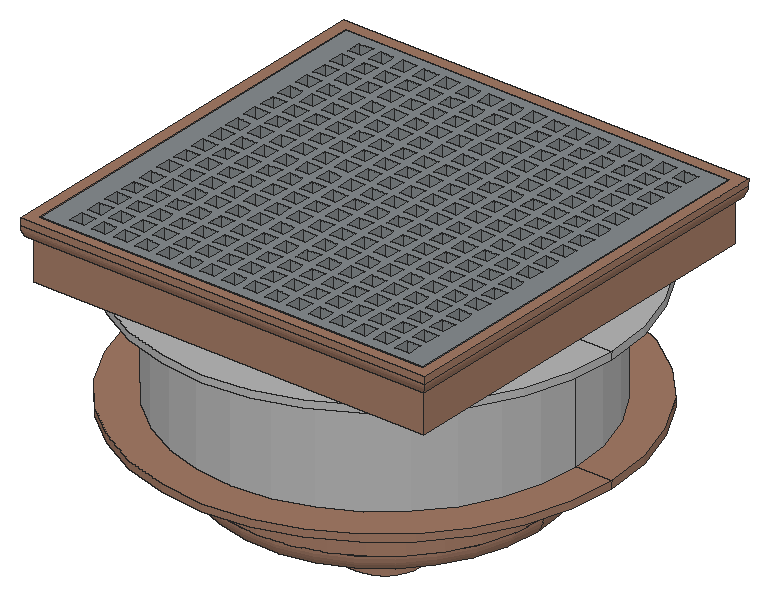
Revit family "Deck_Drain-Promenade-Jay R.Smith-1409_Series", category Plumbing Fixtures, Revit 2021
Family settings
  Round Connector Dimension = Use Radius
  Part Type = Normal
  OmniClass Number = 23.70.50.21.24
  OmniClass Title = Waste Water Drains
  Work Plane-Based = Yes
  Always vertical = Yes
  Cut with Voids When Loaded = No
  Shared = No
  Room Calculation Point = No
Parameters (values of type "1409T02")
  Waste Connection = yes
  Vent Connection = no
  URL = "http://www.jrsmith.com"
  U - Vandal Proof Grate = no
  RDP - Roof Deck Plate = no
  R - Sump Receiver = no
  Product Page URL = "https://www.jrsmith.com/promenade-deck-drain-1409"
  Product Documentation Link = "https://www.jrsmith.com/uploads/fileLibrary/d1409.pdf"
  PB - Polished Bronze Top = no
  Outlet Radius = Outlet Diameter / 2  # 1"
  Outlet Diameter = 2"
  NB - Nickel Bronze Top = no
  Model = "1409T02"
  Material = "Cast Iron-Jay R Smith-Duco Coated"  # constant formula
  Manufacturer = "Jay R. Smith"  # constant formula
  M - Ducolite Iron Grate = no
  Load Rating = "Load between 2,000 lbs. (900 kg) and 4,999 lbs. (2,250 kg) per ASME A112.6.3\r\nFloor Drain Standard."
  LXH - Speedi-Set Extra Heavy - 02"(50), 03"(75) & 04"(100) sizes only = no
  L - Speedi-Set Service Weight - 02"(50), 03"(75) & 04"(100) sizes only = no
  Installation Type = "Deck Mounted"  # constant formula
  HW Connection = no
  HP - Heel Proof Grate = no
  G - Galvanized Cast Iron = no
  Expansion Joint (Specify Fig. 1710) = no
  E - Extension (specify height) = no
  Diameter = 15 3/4"  # constant formula
  Description = "PROMENADE DECK DRAIN FOR SPECIAL ROOF APPLICATIONS"  # constant formula
  Default Elevation = 0"
  Connection Type = "2\" Threaded Outlet Connection"
  CW Connection = no
  CL - "L" Shaped Underdeck Clamp = no
  C - Underdeck Clamp = no
  Body Material = Cast Iron-Jay R Smith-Duco Coated
  Assembly Code = "D2030300"
Types (15): name | Outlet Radius | Outlet Diameter | Model | Connection Type
  1409C02 | 1" | 2" | "1409C02" | "2\" Caulk Outlet Connection"
  1409C03 | 1 1/2" | 3" | "1409C03" | "3\" Caulk Outlet Connection"
  1409C04 | 2" | 4" | "1409C04" | "4\" Caulk Outlet Connection"
  1409C05 | 2 1/2" | 5" | "1409C05" | "5\" Caulk Outlet Connection"
  1409C06 | 3" | 6" | "1409C06" | "6\" Caulk Outlet Connection"
  1409Y02 | 1" | 2" | "1409Y02" | "2\" No HUB Outlet Connection"
  1409Y03 | 1 1/2" | 3" | "1409Y03" | "3\" No HUB Outlet Connection"
  1409Y05 | 2 1/2" | 5" | "1409Y05" | "5\" No HUB Outlet Connection"
  1409Y04 | 2" | 4" | "1409Y04" | "4\" No HUB Outlet Connection"
  1409Y06 | 3" | 6" | "1409Y06" | "6\" No HUB Outlet Connection"
  1409T02 | 1" | 2" | "1409T02" | "2\" Threaded Outlet Connection"
  1409T03 | 1 1/2" | 3" | "1409T03" | "3\" Threaded Outlet Connection"
  1409T04 | 2" | 4" | "1409T04" | "4\" Threaded Outlet Connection"
  1409T05 | 2 1/2" | 5" | "1409T05" | "5\" Threaded Outlet Connection"
  1409T06 | 3" | 6" | "1409T06" | "6\" Threaded Outlet Connection"
Reference planes (in)
  plane 1 "Center (Front/Back)": y = 0
  plane 2: z = 0
  plane 3 "Center (Left/Right)": x = -0.54782
  plane 4: z = 0
  plane 5: x = -8.42282
  plane 6: x = 7.32718
  plane 7: y = 7
  plane 8: y = -7
  plane 9: x = -7.54782
  plane 10: x = 6.45218
  plane 11: x = -7.17282
  plane 12: x = 6.07718
  plane 13: y = 6.625
  plane 14: y = -6.625
  plane 15: x = -6.04782
  plane 16: x = 4.95218
  plane 17: z = -2
  plane 18: z = -6
  plane 19: z = -11
Forms (in)
  Extrusion 1, void
    sketch origin (0, 0, 0) x (1, 0, 0) y (0, 1, 0)
      loop
        line (-0.67282, 0.5) -> (-0.67282, 1) -> (-1.17282, 1) -> (-1.17282, 0.5) -> (-0.67282, 0.5)
      loop
        line (-1.42282, 0.5) -> (-1.42282, 1) -> (-1.92282, 1) -> (-1.92282, 0.5) -> (-1.42282, 0.5)
      loop
        line (-2.17282, 0.5) -> (-2.17282, 1) -> (-2.67282, 1) -> (-2.67282, 0.5) -> (-2.17282, 0.5)
      loop
        line (-0.67282, -0.25) -> (-0.67282, 0.25) -> (-1.17282, 0.25) -> (-1.17282, -0.25) -> (-0.67282, -0.25)
      loop
        line (-1.42282, -0.25) -> (-1.42282, 0.25) -> (-1.92282, 0.25) -> (-1.92282, -0.25) -> (-1.42282, -0.25)
      loop
        line (-2.17282, -0.25) -> (-2.17282, 0.25) -> (-2.67282, 0.25) -> (-2.67282, -0.25) -> (-2.17282, -0.25)
      loop
        line (-0.67282, -1) -> (-0.67282, -0.5) -> (-1.17282, -0.5) -> (-1.17282, -1) -> (-0.67282, -1)
      loop
        line (-1.42282, -1) -> (-1.42282, -0.5) -> (-1.92282, -0.5) -> (-1.92282, -1) -> (-1.42282, -1)
      loop
        line (-2.17282, -1) -> (-2.17282, -0.5) -> (-2.67282, -0.5) -> (-2.67282, -1) -> (-2.17282, -1)
      loop
        line (-0.67282, -1.75) -> (-0.67282, -1.25) -> (-1.17282, -1.25) -> (-1.17282, -1.75) -> (-0.67282, -1.75)
      loop
        line (-1.42282, -1.75) -> (-1.42282, -1.25) -> (-1.92282, -1.25) -> (-1.92282, -1.75) -> (-1.42282, -1.75)
      loop
        line (-2.17282, -1.75) -> (-2.17282, -1.25) -> (-2.67282, -1.25) -> (-2.67282, -1.75) -> (-2.17282, -1.75)
      loop
        line (-0.67282, 1.25) -> (-0.67282, 1.75) -> (-1.17282, 1.75) -> (-1.17282, 1.25) -> (-0.67282, 1.25)
      loop
        line (-1.42282, 1.25) -> (-1.42282, 1.75) -> (-1.92282, 1.75) -> (-1.92282, 1.25) -> (-1.42282, 1.25)
      loop
        line (-2.17282, 1.25) -> (-2.17282, 1.75) -> (-2.67282, 1.75) -> (-2.67282, 1.25) -> (-2.17282, 1.25)
      loop
        line (-0.67282, 2) -> (-0.67282, 2.5) -> (-1.17282, 2.5) -> (-1.17282, 2) -> (-0.67282, 2)
      loop
        line (-1.42282, 2) -> (-1.42282, 2.5) -> (-1.92282, 2.5) -> (-1.92282, 2) -> (-1.42282, 2)
      loop
        line (-2.17282, 2) -> (-2.17282, 2.5) -> (-2.67282, 2.5) -> (-2.67282, 2) -> (-2.17282, 2)
      loop
        line (-2.92282, 0.5) -> (-2.92282, 1) -> (-3.42282, 1) -> (-3.42282, 0.5) -> (-2.92282, 0.5)
      loop
        line (-3.67282, 0.5) -> (-3.67282, 1) -> (-4.17282, 1) -> (-4.17282, 0.5) -> (-3.67282, 0.5)
      loop
        line (-4.42282, 0.5) -> (-4.42282, 1) -> (-4.92282, 1) -> (-4.92282, 0.5) -> (-4.42282, 0.5)
      loop
        line (-2.92282, -0.25) -> (-2.92282, 0.25) -> (-3.42282, 0.25) -> (-3.42282, -0.25) -> (-2.92282, -0.25)
      loop
        line (-3.67282, -0.25) -> (-3.67282, 0.25) -> (-4.17282, 0.25) -> (-4.17282, -0.25) -> (-3.67282, -0.25)
      loop
        line (-4.42282, -0.25) -> (-4.42282, 0.25) -> (-4.92282, 0.25) -> (-4.92282, -0.25) -> (-4.42282, -0.25)
      loop
        line (-2.92282, -1) -> (-2.92282, -0.5) -> (-3.42282, -0.5) -> (-3.42282, -1) -> (-2.92282, -1)
      loop
        line (-3.67282, -1) -> (-3.67282, -0.5) -> (-4.17282, -0.5) -> (-4.17282, -1) -> (-3.67282, -1)
      loop
        line (-4.42282, -1) -> (-4.42282, -0.5) -> (-4.92282, -0.5) -> (-4.92282, -1) -> (-4.42282, -1)
      loop
        line (-2.92282, -1.75) -> (-2.92282, -1.25) -> (-3.42282, -1.25) -> (-3.42282, -1.75) -> (-2.92282, -1.75)
      loop
        line (-3.67282, -1.75) -> (-3.67282, -1.25) -> (-4.17282, -1.25) -> (-4.17282, -1.75) -> (-3.67282, -1.75)
      loop
        line (-4.42282, -1.75) -> (-4.42282, -1.25) -> (-4.92282, -1.25) -> (-4.92282, -1.75) -> (-4.42282, -1.75)
      loop
        line (-2.92282, 1.25) -> (-2.92282, 1.75) -> (-3.42282, 1.75) -> (-3.42282, 1.25) -> (-2.92282, 1.25)
      loop
        line (-3.67282, 1.25) -> (-3.67282, 1.75) -> (-4.17282, 1.75) -> (-4.17282, 1.25) -> (-3.67282, 1.25)
      loop
        line (-4.42282, 1.25) -> (-4.42282, 1.75) -> (-4.92282, 1.75) -> (-4.92282, 1.25) -> (-4.42282, 1.25)
      loop
        line (-2.92282, 2) -> (-2.92282, 2.5) -> (-3.42282, 2.5) -> (-3.42282, 2) -> (-2.92282, 2)
      loop
        line (-3.67282, 2) -> (-3.67282, 2.5) -> (-4.17282, 2.5) -> (-4.17282, 2) -> (-3.67282, 2)
      loop
        line (-4.42282, 2) -> (-4.42282, 2.5) -> (-4.92282, 2.5) -> (-4.92282, 2) -> (-4.42282, 2)
      loop
        line (-0.67282, 2.75) -> (-0.67282, 3.25) -> (-1.17282, 3.25) -> (-1.17282, 2.75) -> (-0.67282, 2.75)
      loop
        line (-1.42282, 2.75) -> (-1.42282, 3.25) -> (-1.92282, 3.25) -> (-1.92282, 2.75) -> (-1.42282, 2.75)
      loop
        line (-2.17282, 2.75) -> (-2.17282, 3.25) -> (-2.67282, 3.25) -> (-2.67282, 2.75) -> (-2.17282, 2.75)
      loop
        line (-0.67282, 3.5) -> (-0.67282, 4) -> (-1.17282, 4) -> (-1.17282, 3.5) -> (-0.67282, 3.5)
      loop
        line (-1.42282, 3.5) -> (-1.42282, 4) -> (-1.92282, 4) -> (-1.92282, 3.5) -> (-1.42282, 3.5)
      loop
        line (-2.17282, 3.5) -> (-2.17282, 4) -> (-2.67282, 4) -> (-2.67282, 3.5) -> (-2.17282, 3.5)
      loop
        line (-0.67282, 4.25) -> (-0.67282, 4.75) -> (-1.17282, 4.75) -> (-1.17282, 4.25) -> (-0.67282, 4.25)
      loop
        line (-1.42282, 4.25) -> (-1.42282, 4.75) -> (-1.92282, 4.75) -> (-1.92282, 4.25) -> (-1.42282, 4.25)
      loop
        line (-2.17282, 4.25) -> (-2.17282, 4.75) -> (-2.67282, 4.75) -> (-2.67282, 4.25) -> (-2.17282, 4.25)
      loop
        line (-2.92282, 2.75) -> (-2.92282, 3.25) -> (-3.42282, 3.25) -> (-3.42282, 2.75) -> (-2.92282, 2.75)
      loop
        line (-3.67282, 2.75) -> (-3.67282, 3.25) -> (-4.17282, 3.25) -> (-4.17282, 2.75) -> (-3.67282, 2.75)
      loop
        line (-4.42282, 2.75) -> (-4.42282, 3.25) -> (-4.92282, 3.25) -> (-4.92282, 2.75) -> (-4.42282, 2.75)
      loop
        line (-2.92282, 3.5) -> (-2.92282, 4) -> (-3.42282, 4) -> (-3.42282, 3.5) -> (-2.92282, 3.5)
      loop
        line (-3.67282, 3.5) -> (-3.67282, 4) -> (-4.17282, 4) -> (-4.17282, 3.5) -> (-3.67282, 3.5)
      loop
        line (-4.42282, 3.5) -> (-4.42282, 4) -> (-4.92282, 4) -> (-4.92282, 3.5) -> (-4.42282, 3.5)
      loop
        line (-2.92282, 4.25) -> (-2.92282, 4.75) -> (-3.42282, 4.75) -> (-3.42282, 4.25) -> (-2.92282, 4.25)
      loop
        line (-3.67282, 4.25) -> (-3.67282, 4.75) -> (-4.17282, 4.75) -> (-4.17282, 4.25) -> (-3.67282, 4.25)
      loop
        line (-4.42282, 4.25) -> (-4.42282, 4.75) -> (-4.92282, 4.75) -> (-4.92282, 4.25) -> (-4.42282, 4.25)
      loop
        line (-0.67282, -2) -> (-1.17282, -2) -> (-1.17282, -2.5) -> (-0.67282, -2.5) -> (-0.67282, -2)
      loop
        line (-1.42282, -2) -> (-1.92282, -2) -> (-1.92282, -2.5) -> (-1.42282, -2.5) -> (-1.42282, -2)
      loop
        line (-2.17282, -2) -> (-2.67282, -2) -> (-2.67282, -2.5) -> (-2.17282, -2.5) -> (-2.17282, -2)
      loop
        line (-0.67282, -2.75) -> (-1.17282, -2.75) -> (-1.17282, -3.25) -> (-0.67282, -3.25) -> (-0.67282, -2.75)
      loop
        line (-1.42282, -2.75) -> (-1.92282, -2.75) -> (-1.92282, -3.25) -> (-1.42282, -3.25) -> (-1.42282, -2.75)
      loop
        line (-2.17282, -2.75) -> (-2.67282, -2.75) -> (-2.67282, -3.25) -> (-2.17282, -3.25) -> (-2.17282, -2.75)
      loop
        line (-0.67282, -3.5) -> (-1.17282, -3.5) -> (-1.17282, -4) -> (-0.67282, -4) -> (-0.67282, -3.5)
      loop
        line (-1.42282, -3.5) -> (-1.92282, -3.5) -> (-1.92282, -4) -> (-1.42282, -4) -> (-1.42282, -3.5)
      loop
        line (-2.17282, -3.5) -> (-2.67282, -3.5) -> (-2.67282, -4) -> (-2.17282, -4) -> (-2.17282, -3.5)
      loop
        line (-2.92282, -2) -> (-3.42282, -2) -> (-3.42282, -2.5) -> (-2.92282, -2.5) -> (-2.92282, -2)
      loop
        line (-3.67282, -2) -> (-4.17282, -2) -> (-4.17282, -2.5) -> (-3.67282, -2.5) -> (-3.67282, -2)
      loop
        line (-4.42282, -2) -> (-4.92282, -2) -> (-4.92282, -2.5) -> (-4.42282, -2.5) -> (-4.42282, -2)
      loop
        line (-2.92282, -2.75) -> (-3.42282, -2.75) -> (-3.42282, -3.25) -> (-2.92282, -3.25) -> (-2.92282, -2.75)
      loop
        line (-3.67282, -2.75) -> (-4.17282, -2.75) -> (-4.17282, -3.25) -> (-3.67282, -3.25) -> (-3.67282, -2.75)
      loop
        line (-4.42282, -2.75) -> (-4.92282, -2.75) -> (-4.92282, -3.25) -> (-4.42282, -3.25) -> (-4.42282, -2.75)
      loop
        line (-2.92282, -3.5) -> (-3.42282, -3.5) -> (-3.42282, -4) -> (-2.92282, -4) -> (-2.92282, -3.5)
      loop
        line (-3.67282, -3.5) -> (-4.17282, -3.5) -> (-4.17282, -4) -> (-3.67282, -4) -> (-3.67282, -3.5)
      loop
        line (-4.42282, -3.5) -> (-4.92282, -3.5) -> (-4.92282, -4) -> (-4.42282, -4) -> (-4.42282, -3.5)
      loop
        line (-0.42282, 0.5) -> (0.07718, 0.5) -> (0.07718, 1) -> (-0.42282, 1) -> (-0.42282, 0.5)
      loop
        line (0.32718, 0.5) -> (0.82718, 0.5) -> (0.82718, 1) -> (0.32718, 1) -> (0.32718, 0.5)
      loop
        line (1.07718, 0.5) -> (1.57718, 0.5) -> (1.57718, 1) -> (1.07718, 1) -> (1.07718, 0.5)
      loop
        line (-0.42282, -0.25) -> (0.07718, -0.25) -> (0.07718, 0.25) -> (-0.42282, 0.25) -> (-0.42282, -0.25)
      loop
        line (0.32718, -0.25) -> (0.82718, -0.25) -> (0.82718, 0.25) -> (0.32718, 0.25) -> (0.32718, -0.25)
      loop
        line (1.07718, -0.25) -> (1.57718, -0.25) -> (1.57718, 0.25) -> (1.07718, 0.25) -> (1.07718, -0.25)
      loop
        line (-0.42282, -1) -> (0.07718, -1) -> (0.07718, -0.5) -> (-0.42282, -0.5) -> (-0.42282, -1)
      loop
        line (0.32718, -1) -> (0.82718, -1) -> (0.82718, -0.5) -> (0.32718, -0.5) -> (0.32718, -1)
      loop
        line (1.07718, -1) -> (1.57718, -1) -> (1.57718, -0.5) -> (1.07718, -0.5) -> (1.07718, -1)
      loop
        line (-0.42282, -1.75) -> (0.07718, -1.75) -> (0.07718, -1.25) -> (-0.42282, -1.25) -> (-0.42282, -1.75)
      loop
        line (0.32718, -1.75) -> (0.82718, -1.75) -> (0.82718, -1.25) -> (0.32718, -1.25) -> (0.32718, -1.75)
      loop
        line (1.07718, -1.75) -> (1.57718, -1.75) -> (1.57718, -1.25) -> (1.07718, -1.25) -> (1.07718, -1.75)
      loop
        line (-0.42282, 1.25) -> (0.07718, 1.25) -> (0.07718, 1.75) -> (-0.42282, 1.75) -> (-0.42282, 1.25)
      loop
        line (0.32718, 1.25) -> (0.82718, 1.25) -> (0.82718, 1.75) -> (0.32718, 1.75) -> (0.32718, 1.25)
      loop
        line (1.07718, 1.25) -> (1.57718, 1.25) -> (1.57718, 1.75) -> (1.07718, 1.75) -> (1.07718, 1.25)
      loop
        line (-0.42282, 2) -> (0.07718, 2) -> (0.07718, 2.5) -> (-0.42282, 2.5) -> (-0.42282, 2)
      loop
        line (0.32718, 2) -> (0.82718, 2) -> (0.82718, 2.5) -> (0.32718, 2.5) -> (0.32718, 2)
      loop
        line (1.07718, 2) -> (1.57718, 2) -> (1.57718, 2.5) -> (1.07718, 2.5) -> (1.07718, 2)
      loop
        line (1.82718, 0.5) -> (2.32718, 0.5) -> (2.32718, 1) -> (1.82718, 1) -> (1.82718, 0.5)
      loop
        line (2.57718, 0.5) -> (3.07718, 0.5) -> (3.07718, 1) -> (2.57718, 1) -> (2.57718, 0.5)
      loop
        line (3.32718, 0.5) -> (3.82718, 0.5) -> (3.82718, 1) -> (3.32718, 1) -> (3.32718, 0.5)
      loop
        line (1.82718, -0.25) -> (2.32718, -0.25) -> (2.32718, 0.25) -> (1.82718, 0.25) -> (1.82718, -0.25)
      loop
        line (2.57718, -0.25) -> (3.07718, -0.25) -> (3.07718, 0.25) -> (2.57718, 0.25) -> (2.57718, -0.25)
      loop
        line (3.32718, -0.25) -> (3.82718, -0.25) -> (3.82718, 0.25) -> (3.32718, 0.25) -> (3.32718, -0.25)
      loop
        line (1.82718, -1) -> (2.32718, -1) -> (2.32718, -0.5) -> (1.82718, -0.5) -> (1.82718, -1)
      loop
        line (2.57718, -1) -> (3.07718, -1) -> (3.07718, -0.5) -> (2.57718, -0.5) -> (2.57718, -1)
      loop
        line (3.32718, -1) -> (3.82718, -1) -> (3.82718, -0.5) -> (3.32718, -0.5) -> (3.32718, -1)
      loop
        line (1.82718, -1.75) -> (2.32718, -1.75) -> (2.32718, -1.25) -> (1.82718, -1.25) -> (1.82718, -1.75)
      loop
        line (2.57718, -1.75) -> (3.07718, -1.75) -> (3.07718, -1.25) -> (2.57718, -1.25) -> (2.57718, -1.75)
      loop
        line (3.32718, -1.75) -> (3.82718, -1.75) -> (3.82718, -1.25) -> (3.32718, -1.25) -> (3.32718, -1.75)
      loop
        line (1.82718, 1.25) -> (2.32718, 1.25) -> (2.32718, 1.75) -> (1.82718, 1.75) -> (1.82718, 1.25)
      loop
        line (2.57718, 1.25) -> (3.07718, 1.25) -> (3.07718, 1.75) -> (2.57718, 1.75) -> (2.57718, 1.25)
      loop
        line (3.32718, 1.25) -> (3.82718, 1.25) -> (3.82718, 1.75) -> (3.32718, 1.75) -> (3.32718, 1.25)
      loop
        line (1.82718, 2) -> (2.32718, 2) -> (2.32718, 2.5) -> (1.82718, 2.5) -> (1.82718, 2)
      loop
        line (2.57718, 2) -> (3.07718, 2) -> (3.07718, 2.5) -> (2.57718, 2.5) -> (2.57718, 2)
      loop
        line (3.32718, 2) -> (3.82718, 2) -> (3.82718, 2.5) -> (3.32718, 2.5) -> (3.32718, 2)
      loop
        line (-0.42282, 2.75) -> (0.07718, 2.75) -> (0.07718, 3.25) -> (-0.42282, 3.25) -> (-0.42282, 2.75)
      loop
        line (0.32718, 2.75) -> (0.82718, 2.75) -> (0.82718, 3.25) -> (0.32718, 3.25) -> (0.32718, 2.75)
      loop
        line (1.07718, 2.75) -> (1.57718, 2.75) -> (1.57718, 3.25) -> (1.07718, 3.25) -> (1.07718, 2.75)
      loop
        line (-0.42282, 3.5) -> (0.07718, 3.5) -> (0.07718, 4) -> (-0.42282, 4) -> (-0.42282, 3.5)
      loop
        line (0.32718, 3.5) -> (0.82718, 3.5) -> (0.82718, 4) -> (0.32718, 4) -> (0.32718, 3.5)
      loop
        line (1.07718, 3.5) -> (1.57718, 3.5) -> (1.57718, 4) -> (1.07718, 4) -> (1.07718, 3.5)
      loop
        line (-0.42282, 4.25) -> (0.07718, 4.25) -> (0.07718, 4.75) -> (-0.42282, 4.75) -> (-0.42282, 4.25)
      loop
        line (0.32718, 4.25) -> (0.82718, 4.25) -> (0.82718, 4.75) -> (0.32718, 4.75) -> (0.32718, 4.25)
      loop
        line (1.07718, 4.25) -> (1.57718, 4.25) -> (1.57718, 4.75) -> (1.07718, 4.75) -> (1.07718, 4.25)
      loop
        line (1.82718, 2.75) -> (2.32718, 2.75) -> (2.32718, 3.25) -> (1.82718, 3.25) -> (1.82718, 2.75)
      loop
        line (2.57718, 2.75) -> (3.07718, 2.75) -> (3.07718, 3.25) -> (2.57718, 3.25) -> (2.57718, 2.75)
      loop
        line (3.32718, 2.75) -> (3.82718, 2.75) -> (3.82718, 3.25) -> (3.32718, 3.25) -> (3.32718, 2.75)
      loop
        line (1.82718, 3.5) -> (2.32718, 3.5) -> (2.32718, 4) -> (1.82718, 4) -> (1.82718, 3.5)
      loop
        line (2.57718, 3.5) -> (3.07718, 3.5) -> (3.07718, 4) -> (2.57718, 4) -> (2.57718, 3.5)
      loop
        line (3.32718, 3.5) -> (3.82718, 3.5) -> (3.82718, 4) -> (3.32718, 4) -> (3.32718, 3.5)
      loop
        line (1.82718, 4.25) -> (2.32718, 4.25) -> (2.32718, 4.75) -> (1.82718, 4.75) -> (1.82718, 4.25)
      loop
        line (2.57718, 4.25) -> (3.07718, 4.25) -> (3.07718, 4.75) -> (2.57718, 4.75) -> (2.57718, 4.25)
      loop
        line (3.32718, 4.25) -> (3.82718, 4.25) -> (3.82718, 4.75) -> (3.32718, 4.75) -> (3.32718, 4.25)
      loop
        line (-0.42282, -2) -> (-0.42282, -2.5) -> (0.07718, -2.5) -> (0.07718, -2) -> (-0.42282, -2)
      loop
        line (0.32718, -2) -> (0.32718, -2.5) -> (0.82718, -2.5) -> (0.82718, -2) -> (0.32718, -2)
      loop
        line (1.07718, -2) -> (1.07718, -2.5) -> (1.57718, -2.5) -> (1.57718, -2) -> (1.07718, -2)
      loop
        line (-0.42282, -2.75) -> (-0.42282, -3.25) -> (0.07718, -3.25) -> (0.07718, -2.75) -> (-0.42282, -2.75)
      loop
        line (0.32718, -2.75) -> (0.32718, -3.25) -> (0.82718, -3.25) -> (0.82718, -2.75) -> (0.32718, -2.75)
      loop
        line (1.07718, -2.75) -> (1.07718, -3.25) -> (1.57718, -3.25) -> (1.57718, -2.75) -> (1.07718, -2.75)
      loop
        line (-0.42282, -3.5) -> (-0.42282, -4) -> (0.07718, -4) -> (0.07718, -3.5) -> (-0.42282, -3.5)
      loop
        line (0.32718, -3.5) -> (0.32718, -4) -> (0.82718, -4) -> (0.82718, -3.5) -> (0.32718, -3.5)
      loop
        line (1.07718, -3.5) -> (1.07718, -4) -> (1.57718, -4) -> (1.57718, -3.5) -> (1.07718, -3.5)
      loop
        line (1.82718, -2) -> (1.82718, -2.5) -> (2.32718, -2.5) -> (2.32718, -2) -> (1.82718, -2)
      loop
        line (2.57718, -2) -> (2.57718, -2.5) -> (3.07718, -2.5) -> (3.07718, -2) -> (2.57718, -2)
      loop
        line (3.32718, -2) -> (3.32718, -2.5) -> (3.82718, -2.5) -> (3.82718, -2) -> (3.32718, -2)
      loop
        line (1.82718, -2.75) -> (1.82718, -3.25) -> (2.32718, -3.25) -> (2.32718, -2.75) -> (1.82718, -2.75)
      loop
        line (2.57718, -2.75) -> (2.57718, -3.25) -> (3.07718, -3.25) -> (3.07718, -2.75) -> (2.57718, -2.75)
      loop
        line (3.32718, -2.75) -> (3.32718, -3.25) -> (3.82718, -3.25) -> (3.82718, -2.75) -> (3.32718, -2.75)
      loop
        line (1.82718, -3.5) -> (1.82718, -4) -> (2.32718, -4) -> (2.32718, -3.5) -> (1.82718, -3.5)
      loop
        line (2.57718, -3.5) -> (2.57718, -4) -> (3.07718, -4) -> (3.07718, -3.5) -> (2.57718, -3.5)
      loop
        line (3.32718, -3.5) -> (3.32718, -4) -> (3.82718, -4) -> (3.82718, -3.5) -> (3.32718, -3.5)
      loop
        line (-0.67282, 5) -> (-0.67282, 5.5) -> (-1.17282, 5.5) -> (-1.17282, 5) -> (-0.67282, 5)
      loop
        line (-1.42282, 5) -> (-1.42282, 5.5) -> (-1.92282, 5.5) -> (-1.92282, 5) -> (-1.42282, 5)
      loop
        line (-2.17282, 5) -> (-2.17282, 5.5) -> (-2.67282, 5.5) -> (-2.67282, 5) -> (-2.17282, 5)
      loop
        line (-0.67282, 5.75) -> (-0.67282, 6.25) -> (-1.17282, 6.25) -> (-1.17282, 5.75) -> (-0.67282, 5.75)
      loop
        line (-1.42282, 5.75) -> (-1.42282, 6.25) -> (-1.92282, 6.25) -> (-1.92282, 5.75) -> (-1.42282, 5.75)
      loop
        line (-2.17282, 5.75) -> (-2.17282, 6.25) -> (-2.67282, 6.25) -> (-2.67282, 5.75) -> (-2.17282, 5.75)
      loop
        line (-2.92282, 5) -> (-2.92282, 5.5) -> (-3.42282, 5.5) -> (-3.42282, 5) -> (-2.92282, 5)
      loop
        line (-3.67282, 5) -> (-3.67282, 5.5) -> (-4.17282, 5.5) -> (-4.17282, 5) -> (-3.67282, 5)
      loop
        line (-4.42282, 5) -> (-4.42282, 5.5) -> (-4.92282, 5.5) -> (-4.92282, 5) -> (-4.42282, 5)
      loop
        line (-2.92282, 5.75) -> (-2.92282, 6.25) -> (-3.42282, 6.25) -> (-3.42282, 5.75) -> (-2.92282, 5.75)
      loop
        line (-3.67282, 5.75) -> (-3.67282, 6.25) -> (-4.17282, 6.25) -> (-4.17282, 5.75) -> (-3.67282, 5.75)
      loop
        line (-4.42282, 5.75) -> (-4.42282, 6.25) -> (-4.92282, 6.25) -> (-4.92282, 5.75) -> (-4.42282, 5.75)
      loop
        line (-0.42282, 5) -> (0.07718, 5) -> (0.07718, 5.5) -> (-0.42282, 5.5) -> (-0.42282, 5)
      loop
        line (0.32718, 5) -> (0.82718, 5) -> (0.82718, 5.5) -> (0.32718, 5.5) -> (0.32718, 5)
      loop
        line (1.07718, 5) -> (1.57718, 5) -> (1.57718, 5.5) -> (1.07718, 5.5) -> (1.07718, 5)
      loop
        line (-0.42282, 5.75) -> (0.07718, 5.75) -> (0.07718, 6.25) -> (-0.42282, 6.25) -> (-0.42282, 5.75)
      loop
        line (0.32718, 5.75) -> (0.82718, 5.75) -> (0.82718, 6.25) -> (0.32718, 6.25) -> (0.32718, 5.75)
      loop
        line (1.07718, 5.75) -> (1.57718, 5.75) -> (1.57718, 6.25) -> (1.07718, 6.25) -> (1.07718, 5.75)
      loop
        line (1.82718, 5) -> (2.32718, 5) -> (2.32718, 5.5) -> (1.82718, 5.5) -> (1.82718, 5)
      loop
        line (2.57718, 5) -> (3.07718, 5) -> (3.07718, 5.5) -> (2.57718, 5.5) -> (2.57718, 5)
      loop
        line (3.32718, 5) -> (3.82718, 5) -> (3.82718, 5.5) -> (3.32718, 5.5) -> (3.32718, 5)
      loop
        line (1.82718, 5.75) -> (2.32718, 5.75) -> (2.32718, 6.25) -> (1.82718, 6.25) -> (1.82718, 5.75)
      loop
        line (2.57718, 5.75) -> (3.07718, 5.75) -> (3.07718, 6.25) -> (2.57718, 6.25) -> (2.57718, 5.75)
      loop
        line (3.32718, 5.75) -> (3.82718, 5.75) -> (3.82718, 6.25) -> (3.32718, 6.25) -> (3.32718, 5.75)
      loop
        line (-0.67282, -4.75) -> (-0.67282, -4.25) -> (-1.17282, -4.25) -> (-1.17282, -4.75) -> (-0.67282, -4.75)
      loop
        line (-1.42282, -4.75) -> (-1.42282, -4.25) -> (-1.92282, -4.25) -> (-1.92282, -4.75) -> (-1.42282, -4.75)
      loop
        line (-2.17282, -4.75) -> (-2.17282, -4.25) -> (-2.67282, -4.25) -> (-2.67282, -4.75) -> (-2.17282, -4.75)
      loop
        line (-2.92282, -4.75) -> (-2.92282, -4.25) -> (-3.42282, -4.25) -> (-3.42282, -4.75) -> (-2.92282, -4.75)
      loop
        line (-3.67282, -4.75) -> (-3.67282, -4.25) -> (-4.17282, -4.25) -> (-4.17282, -4.75) -> (-3.67282, -4.75)
      loop
        line (-4.42282, -4.75) -> (-4.42282, -4.25) -> (-4.92282, -4.25) -> (-4.92282, -4.75) -> (-4.42282, -4.75)
      loop
        line (-0.67282, -5) -> (-1.17282, -5) -> (-1.17282, -5.5) -> (-0.67282, -5.5) -> (-0.67282, -5)
      loop
        line (-1.42282, -5) -> (-1.92282, -5) -> (-1.92282, -5.5) -> (-1.42282, -5.5) -> (-1.42282, -5)
      loop
        line (-2.17282, -5) -> (-2.67282, -5) -> (-2.67282, -5.5) -> (-2.17282, -5.5) -> (-2.17282, -5)
      loop
        line (-0.67282, -5.75) -> (-1.17282, -5.75) -> (-1.17282, -6.25) -> (-0.67282, -6.25) -> (-0.67282, -5.75)
      loop
        line (-1.42282, -5.75) -> (-1.92282, -5.75) -> (-1.92282, -6.25) -> (-1.42282, -6.25) -> (-1.42282, -5.75)
      loop
        line (-2.17282, -5.75) -> (-2.67282, -5.75) -> (-2.67282, -6.25) -> (-2.17282, -6.25) -> (-2.17282, -5.75)
      loop
        line (-2.92282, -5) -> (-3.42282, -5) -> (-3.42282, -5.5) -> (-2.92282, -5.5) -> (-2.92282, -5)
      loop
        line (-3.67282, -5) -> (-4.17282, -5) -> (-4.17282, -5.5) -> (-3.67282, -5.5) -> (-3.67282, -5)
      loop
        line (-4.42282, -5) -> (-4.92282, -5) -> (-4.92282, -5.5) -> (-4.42282, -5.5) -> (-4.42282, -5)
      loop
        line (-2.92282, -5.75) -> (-3.42282, -5.75) -> (-3.42282, -6.25) -> (-2.92282, -6.25) -> (-2.92282, -5.75)
      loop
        line (-3.67282, -5.75) -> (-4.17282, -5.75) -> (-4.17282, -6.25) -> (-3.67282, -6.25) -> (-3.67282, -5.75)
      loop
        line (-4.42282, -5.75) -> (-4.92282, -5.75) -> (-4.92282, -6.25) -> (-4.42282, -6.25) -> (-4.42282, -5.75)
      loop
        line (-0.42282, -4.75) -> (0.07718, -4.75) -> (0.07718, -4.25) -> (-0.42282, -4.25) -> (-0.42282, -4.75)
      loop
        line (0.32718, -4.75) -> (0.82718, -4.75) -> (0.82718, -4.25) -> (0.32718, -4.25) -> (0.32718, -4.75)
      loop
        line (1.07718, -4.75) -> (1.57718, -4.75) -> (1.57718, -4.25) -> (1.07718, -4.25) -> (1.07718, -4.75)
      loop
        line (1.82718, -4.75) -> (2.32718, -4.75) -> (2.32718, -4.25) -> (1.82718, -4.25) -> (1.82718, -4.75)
      loop
        line (2.57718, -4.75) -> (3.07718, -4.75) -> (3.07718, -4.25) -> (2.57718, -4.25) -> (2.57718, -4.75)
      loop
        line (3.32718, -4.75) -> (3.82718, -4.75) -> (3.82718, -4.25) -> (3.32718, -4.25) -> (3.32718, -4.75)
      loop
        line (-0.42282, -5) -> (-0.42282, -5.5) -> (0.07718, -5.5) -> (0.07718, -5) -> (-0.42282, -5)
      loop
        line (0.32718, -5) -> (0.32718, -5.5) -> (0.82718, -5.5) -> (0.82718, -5) -> (0.32718, -5)
      loop
        line (1.07718, -5) -> (1.07718, -5.5) -> (1.57718, -5.5) -> (1.57718, -5) -> (1.07718, -5)
      loop
        line (-0.42282, -5.75) -> (-0.42282, -6.25) -> (0.07718, -6.25) -> (0.07718, -5.75) -> (-0.42282, -5.75)
      loop
        line (0.32718, -5.75) -> (0.32718, -6.25) -> (0.82718, -6.25) -> (0.82718, -5.75) -> (0.32718, -5.75)
      loop
        line (1.07718, -5.75) -> (1.07718, -6.25) -> (1.57718, -6.25) -> (1.57718, -5.75) -> (1.07718, -5.75)
      loop
        line (1.82718, -5) -> (1.82718, -5.5) -> (2.32718, -5.5) -> (2.32718, -5) -> (1.82718, -5)
      loop
        line (2.57718, -5) -> (2.57718, -5.5) -> (3.07718, -5.5) -> (3.07718, -5) -> (2.57718, -5)
      loop
        line (3.32718, -5) -> (3.32718, -5.5) -> (3.82718, -5.5) -> (3.82718, -5) -> (3.32718, -5)
      loop
        line (1.82718, -5.75) -> (1.82718, -6.25) -> (2.32718, -6.25) -> (2.32718, -5.75) -> (1.82718, -5.75)
      loop
        line (2.57718, -5.75) -> (2.57718, -6.25) -> (3.07718, -6.25) -> (3.07718, -5.75) -> (2.57718, -5.75)
      loop
        line (3.32718, -5.75) -> (3.32718, -6.25) -> (3.82718, -6.25) -> (3.82718, -5.75) -> (3.32718, -5.75)
      loop
        line (4.07718, 0.5) -> (4.57718, 0.5) -> (4.57718, 1) -> (4.07718, 1) -> (4.07718, 0.5)
      loop
        line (4.82718, 0.5) -> (5.32718, 0.5) -> (5.32718, 1) -> (4.82718, 1) -> (4.82718, 0.5)
      loop
        line (4.07718, -0.25) -> (4.57718, -0.25) -> (4.57718, 0.25) -> (4.07718, 0.25) -> (4.07718, -0.25)
      loop
        line (4.82718, -0.25) -> (5.32718, -0.25) -> (5.32718, 0.25) -> (4.82718, 0.25) -> (4.82718, -0.25)
      loop
        line (4.07718, -1) -> (4.57718, -1) -> (4.57718, -0.5) -> (4.07718, -0.5) -> (4.07718, -1)
      loop
        line (4.82718, -1) -> (5.32718, -1) -> (5.32718, -0.5) -> (4.82718, -0.5) -> (4.82718, -1)
      loop
        line (4.07718, -1.75) -> (4.57718, -1.75) -> (4.57718, -1.25) -> (4.07718, -1.25) -> (4.07718, -1.75)
      loop
        line (4.82718, -1.75) -> (5.32718, -1.75) -> (5.32718, -1.25) -> (4.82718, -1.25) -> (4.82718, -1.75)
      loop
        line (4.07718, 1.25) -> (4.57718, 1.25) -> (4.57718, 1.75) -> (4.07718, 1.75) -> (4.07718, 1.25)
      loop
        line (4.82718, 1.25) -> (5.32718, 1.25) -> (5.32718, 1.75) -> (4.82718, 1.75) -> (4.82718, 1.25)
      loop
        line (4.07718, 2) -> (4.57718, 2) -> (4.57718, 2.5) -> (4.07718, 2.5) -> (4.07718, 2)
      loop
        line (4.82718, 2) -> (5.32718, 2) -> (5.32718, 2.5) -> (4.82718, 2.5) -> (4.82718, 2)
      loop
        line (4.07718, 2.75) -> (4.57718, 2.75) -> (4.57718, 3.25) -> (4.07718, 3.25) -> (4.07718, 2.75)
      loop
        line (4.82718, 2.75) -> (5.32718, 2.75) -> (5.32718, 3.25) -> (4.82718, 3.25) -> (4.82718, 2.75)
      loop
        line (4.07718, 3.5) -> (4.57718, 3.5) -> (4.57718, 4) -> (4.07718, 4) -> (4.07718, 3.5)
      loop
        line (4.82718, 3.5) -> (5.32718, 3.5) -> (5.32718, 4) -> (4.82718, 4) -> (4.82718, 3.5)
      loop
        line (4.07718, 4.25) -> (4.57718, 4.25) -> (4.57718, 4.75) -> (4.07718, 4.75) -> (4.07718, 4.25)
      loop
        line (4.82718, 4.25) -> (5.32718, 4.25) -> (5.32718, 4.75) -> (4.82718, 4.75) -> (4.82718, 4.25)
      loop
        line (4.07718, -2) -> (4.07718, -2.5) -> (4.57718, -2.5) -> (4.57718, -2) -> (4.07718, -2)
      loop
        line (4.82718, -2) -> (4.82718, -2.5) -> (5.32718, -2.5) -> (5.32718, -2) -> (4.82718, -2)
      loop
        line (4.07718, -2.75) -> (4.07718, -3.25) -> (4.57718, -3.25) -> (4.57718, -2.75) -> (4.07718, -2.75)
      loop
        line (4.82718, -2.75) -> (4.82718, -3.25) -> (5.32718, -3.25) -> (5.32718, -2.75) -> (4.82718, -2.75)
      loop
        line (4.07718, -3.5) -> (4.07718, -4) -> (4.57718, -4) -> (4.57718, -3.5) -> (4.07718, -3.5)
      loop
        line (4.82718, -3.5) -> (4.82718, -4) -> (5.32718, -4) -> (5.32718, -3.5) -> (4.82718, -3.5)
      loop
        line (4.07718, 5) -> (4.57718, 5) -> (4.57718, 5.5) -> (4.07718, 5.5) -> (4.07718, 5)
      loop
        line (4.82718, 5) -> (5.32718, 5) -> (5.32718, 5.5) -> (4.82718, 5.5) -> (4.82718, 5)
      loop
        line (4.07718, 5.75) -> (4.57718, 5.75) -> (4.57718, 6.25) -> (4.07718, 6.25) -> (4.07718, 5.75)
      loop
        line (4.82718, 5.75) -> (5.32718, 5.75) -> (5.32718, 6.25) -> (4.82718, 6.25) -> (4.82718, 5.75)
      loop
        line (4.07718, -4.75) -> (4.57718, -4.75) -> (4.57718, -4.25) -> (4.07718, -4.25) -> (4.07718, -4.75)
      loop
        line (4.82718, -4.75) -> (5.32718, -4.75) -> (5.32718, -4.25) -> (4.82718, -4.25) -> (4.82718, -4.75)
      loop
        line (4.07718, -5) -> (4.07718, -5.5) -> (4.57718, -5.5) -> (4.57718, -5) -> (4.07718, -5)
      loop
        line (4.82718, -5) -> (4.82718, -5.5) -> (5.32718, -5.5) -> (5.32718, -5) -> (4.82718, -5)
      loop
        line (4.07718, -5.75) -> (4.07718, -6.25) -> (4.57718, -6.25) -> (4.57718, -5.75) -> (4.07718, -5.75)
      loop
        line (4.82718, -5.75) -> (4.82718, -6.25) -> (5.32718, -6.25) -> (5.32718, -5.75) -> (4.82718, -5.75)
      loop
        line (-5.17282, 0.5) -> (-5.17282, 1) -> (-5.67282, 1) -> (-5.67282, 0.5) -> (-5.17282, 0.5)
      loop
        line (-5.92282, 0.5) -> (-5.92282, 1) -> (-6.42282, 1) -> (-6.42282, 0.5) -> (-5.92282, 0.5)
      loop
        line (-5.17282, -0.25) -> (-5.17282, 0.25) -> (-5.67282, 0.25) -> (-5.67282, -0.25) -> (-5.17282, -0.25)
      loop
        line (-5.92282, -0.25) -> (-5.92282, 0.25) -> (-6.42282, 0.25) -> (-6.42282, -0.25) -> (-5.92282, -0.25)
      loop
        line (-5.17282, -1) -> (-5.17282, -0.5) -> (-5.67282, -0.5) -> (-5.67282, -1) -> (-5.17282, -1)
      loop
        line (-5.92282, -1) -> (-5.92282, -0.5) -> (-6.42282, -0.5) -> (-6.42282, -1) -> (-5.92282, -1)
      loop
        line (-5.17282, -1.75) -> (-5.17282, -1.25) -> (-5.67282, -1.25) -> (-5.67282, -1.75) -> (-5.17282, -1.75)
      loop
        line (-5.92282, -1.75) -> (-5.92282, -1.25) -> (-6.42282, -1.25) -> (-6.42282, -1.75) -> (-5.92282, -1.75)
      loop
        line (-5.17282, 1.25) -> (-5.17282, 1.75) -> (-5.67282, 1.75) -> (-5.67282, 1.25) -> (-5.17282, 1.25)
      loop
        line (-5.92282, 1.25) -> (-5.92282, 1.75) -> (-6.42282, 1.75) -> (-6.42282, 1.25) -> (-5.92282, 1.25)
      loop
        line (-5.17282, 2) -> (-5.17282, 2.5) -> (-5.67282, 2.5) -> (-5.67282, 2) -> (-5.17282, 2)
      loop
        line (-5.92282, 2) -> (-5.92282, 2.5) -> (-6.42282, 2.5) -> (-6.42282, 2) -> (-5.92282, 2)
      loop
        line (-5.17282, 2.75) -> (-5.17282, 3.25) -> (-5.67282, 3.25) -> (-5.67282, 2.75) -> (-5.17282, 2.75)
      loop
        line (-5.92282, 2.75) -> (-5.92282, 3.25) -> (-6.42282, 3.25) -> (-6.42282, 2.75) -> (-5.92282, 2.75)
      loop
        line (-5.17282, 3.5) -> (-5.17282, 4) -> (-5.67282, 4) -> (-5.67282, 3.5) -> (-5.17282, 3.5)
      loop
        line (-5.92282, 3.5) -> (-5.92282, 4) -> (-6.42282, 4) -> (-6.42282, 3.5) -> (-5.92282, 3.5)
      loop
        line (-5.17282, 4.25) -> (-5.17282, 4.75) -> (-5.67282, 4.75) -> (-5.67282, 4.25) -> (-5.17282, 4.25)
      loop
        line (-5.92282, 4.25) -> (-5.92282, 4.75) -> (-6.42282, 4.75) -> (-6.42282, 4.25) -> (-5.92282, 4.25)
      loop
        line (-5.17282, -2) -> (-5.67282, -2) -> (-5.67282, -2.5) -> (-5.17282, -2.5) -> (-5.17282, -2)
      loop
        line (-5.92282, -2) -> (-6.42282, -2) -> (-6.42282, -2.5) -> (-5.92282, -2.5) -> (-5.92282, -2)
      loop
        line (-5.17282, -2.75) -> (-5.67282, -2.75) -> (-5.67282, -3.25) -> (-5.17282, -3.25) -> (-5.17282, -2.75)
      loop
        line (-5.92282, -2.75) -> (-6.42282, -2.75) -> (-6.42282, -3.25) -> (-5.92282, -3.25) -> (-5.92282, -2.75)
      loop
        line (-5.17282, -3.5) -> (-5.67282, -3.5) -> (-5.67282, -4) -> (-5.17282, -4) -> (-5.17282, -3.5)
      loop
        line (-5.92282, -3.5) -> (-6.42282, -3.5) -> (-6.42282, -4) -> (-5.92282, -4) -> (-5.92282, -3.5)
      loop
        line (-5.17282, 5) -> (-5.17282, 5.5) -> (-5.67282, 5.5) -> (-5.67282, 5) -> (-5.17282, 5)
      loop
        line (-5.92282, 5) -> (-5.92282, 5.5) -> (-6.42282, 5.5) -> (-6.42282, 5) -> (-5.92282, 5)
      loop
        line (-5.17282, 5.75) -> (-5.17282, 6.25) -> (-5.67282, 6.25) -> (-5.67282, 5.75) -> (-5.17282, 5.75)
      loop
        line (-5.92282, 5.75) -> (-5.92282, 6.25) -> (-6.42282, 6.25) -> (-6.42282, 5.75) -> (-5.92282, 5.75)
      loop
        line (-5.17282, -4.75) -> (-5.17282, -4.25) -> (-5.67282, -4.25) -> (-5.67282, -4.75) -> (-5.17282, -4.75)
      loop
        line (-5.92282, -4.75) -> (-5.92282, -4.25) -> (-6.42282, -4.25) -> (-6.42282, -4.75) -> (-5.92282, -4.75)
      loop
        line (-5.17282, -5) -> (-5.67282, -5) -> (-5.67282, -5.5) -> (-5.17282, -5.5) -> (-5.17282, -5)
      loop
        line (-5.92282, -5) -> (-6.42282, -5) -> (-6.42282, -5.5) -> (-5.92282, -5.5) -> (-5.92282, -5)
      loop
        line (-5.17282, -5.75) -> (-5.67282, -5.75) -> (-5.67282, -6.25) -> (-5.17282, -6.25) -> (-5.17282, -5.75)
      loop
        line (-5.92282, -5.75) -> (-6.42282, -5.75) -> (-6.42282, -6.25) -> (-5.92282, -6.25) -> (-5.92282, -5.75)
    from -1.25 to 0
  Extrusion 2, solid, material "Metal-Jay R. Smith-Cast Iron"
    sketch origin (0, 0, 0) x (1, 0, 0) y (0, 1, 0)
      loop
        line (-7.17282, 6.625) -> (-7.17282, -6.625) -> (6.07718, -6.625) -> (6.07718, 6.625) -> (-7.17282, 6.625)
    from 0 to -1.25
  Sweep 3, solid, material "Cast Iron-Jay R Smith-Duco Coated" <- "Body Material"
    path origin (0, 0, 0) x (1, 0, 0) y (0, 1, 0)
      loop
        line (-7.54782, -7) -> (6.45218, -7) -> (6.45218, 7) -> (-7.54782, 7) -> (-7.54782, -7)
    profile origin (-7.54782, 0, 0) x (-1, 0, 0) y (0, 0, 1)
      loop
        line (0, 0) -> (-0.375, 0) -> (-0.375, -2) -> (-0.25, -2) -> (-0.25, -0.68301)
        arc (-0.25, -0.68301) -> (-0.06699, -0.5) -> (0, -0.25) r 0.5
        line (0, -0.25) -> (0, 0)
  Revolve 4, solid, material "Cast Iron-Jay R Smith-Duco Coated" <- "Body Material"
    sketch origin (0, 0, 0) x (1, 0, 0) y (0, 0, 1)
      loop
        line (-1.54782, -11) -> (-1.54782, -6) -> (-1.79782, -6) -> (-1.79782, -11) -> (-1.54782, -11)
      axis (-0.54782, -6) -> (-0.54782, -11)
    angle from 0 to 360
  Revolve 5, solid, material "Metal-Jay R Smith-Stainless Steel"
    sketch origin (0, 0, 0) x (1, 0, 0) y (0, 0, 1)
      loop
        line (-0.54782, -2) -> (-8.42282, -2) -> (-8.42282, -2.25) -> (-7.17282, -2.70496) -> (-7.17282, -6) -> (-0.54782, -6) -> (-0.54782, -2)
      axis (-0.54782, -2) -> (-0.54782, -6)
    angle from 0 to 360
  Revolve 6, solid, material "Cast Iron-Jay R Smith-Duco Coated" <- "Body Material"
    sketch origin (0, 0, 0) x (1, 0, 0) y (0, 0, 1)
      loop
        line (-0.54782, -6) -> (-8.42282, -6) -> (-8.42282, -6.25) -> (-6.21642, -7.00972)
        arc (-6.21642, -7.00972) -> (-6.09429, -7.10093) -> (-6.04782, -7.2461) r 0.25
        line (-6.04782, -7.2461) -> (-6.04782, -8.01891)
        arc (-6.04782, -8.01891) -> (-5.86308, -8.46491) -> (-5.41708, -8.64965) r 0.63074
        line (-5.41708, -8.64965) -> (-5.22886, -8.64965)
        arc (-5.22886, -8.64965) -> (-5.13749, -8.87022) -> (-4.91693, -8.96158) r 0.31193
        line (-4.91693, -8.96158) -> (-0.54782, -8.96158) -> (-0.54782, -6)
      axis (-0.54782, -6) -> (-0.54782, -8.96158)
    angle from 0 to 360
Cuts and joins
  Extrusion 1 cuts Extrusion 2
  Extrusion 1 cuts Sweep 3
Dimensions and locks (in)
  locked: Revolve 4 sketch curve to Revolve 4 sketch curve at 0.25
  "Outlet Radius": plane 3 "Center (Left/Right)" to Revolve 4 sketch curve
  plane 5 to plane 6 = 15 3/4"
  plane 7 to plane 8 = 14"
  plane 9 to plane 10 = 14"
  plane 11 to plane 12 = 13 1/4"
  plane 13 to plane 14 = 13 1/4"
  plane 16 to plane 15 = 11"
  level to plane 17 = 2"
  plane 17 to plane 18 = 4"
  plane 18 to plane 19 = 5"
  plane 6 to plane 5 = 15 3/4"
  plane 10 to plane 9 = 14"
  plane 12 to plane 11 = 13 1/4"
  aligned and locked: Extrusion 2 to Extrusion 1  (x2)
  aligned and locked: Revolve 4 sketch curve to plane 3 "Center (Left/Right)"
  aligned and locked: Sweep 3 sketch curve to plane 7
  aligned and locked: plane 9 to Sweep 3 sketch curve
  aligned and locked: plane 10 to Sweep 3 sketch curve
  aligned and locked: Sweep 3 sketch curve to plane 8
  aligned and locked: Revolve 5 sketch curve to plane 3 "Center (Left/Right)"
  aligned and locked: Revolve 6 sketch curve to plane 3 "Center (Left/Right)"
  aligned and locked: Extrusion 2 sketch curve to plane 13
  aligned and locked: Extrusion 2 sketch curve to plane 14
  aligned and locked: plane 12 to Extrusion 2 sketch curve
  aligned and locked: plane 11 to Extrusion 2 sketch curve
  aligned and locked: plane 19 to Revolve 4 sketch curve
  aligned and locked: Revolve 4 sketch curve to plane 18
  aligned and locked: level to Extrusion 2
  aligned and locked: plane 11 to Sweep 3 sketch curve
Automatic sketch dimensions
  Sweep 3 sketch curve to level = 0"
  Sweep 3 sketch curve to profile plane = 0"
  profile plane to Sweep 3 sketch curve = 1/4"
  Sweep 3 sketch curve to level = 1/4"
  Sweep 3 sketch curve to Sweep 3 sketch curve = 1/8"
  Sweep 3 sketch curve to level = 2"
  Revolve 5 sketch curve to plane 5 = 0"
  Revolve 5 sketch curve to plane 11 = 0"
  Revolve 5 sketch curve to plane 3 "Center (Left/Right)" = 0"
  Revolve 5 sketch curve to plane 18 = 0"
  Revolve 5 sketch curve to plane 17 = 0"
  Revolve 5 sketch curve to plane 17 = 0.70496"
  Revolve 5 sketch curve to plane 17 = 1/4"
  plane 19 to Revolve 5 sketch curve = 1"
  level to Revolve 5 sketch curve = 4"
  Revolve 6 sketch curve to plane 5 = 0"
  Revolve 6 sketch curve to plane 15 = 0"
  Revolve 6 sketch curve to plane 3 "Center (Left/Right)" = 0"
  Revolve 6 sketch curve to plane 18 = 0"
  Revolve 6 sketch curve to Revolve 6 sketch curve = 1/4"
  Revolve 6 sketch curve to plane 15 = 0.16861"
  plane 15 to Revolve 6 sketch curve = 0.63074"
  Revolve 6 sketch curve to Revolve 6 sketch curve = 0.18822"
  Revolve 6 sketch curve to Revolve 6 sketch curve = 0.31193"
  Revolve 6 sketch curve to plane 18 = 1/4"
  Revolve 6 sketch curve to plane 18 = 1.00972"
  Revolve 6 sketch curve to Revolve 6 sketch curve = 0.77281"
  plane 19 to Revolve 6 sketch curve = 1/2"
  Revolve 6 sketch curve to plane 17 = 1 1/4"
  Extrusion 1 sketch curve to plane 15 = 3/8"  (x7)
  Extrusion 1 sketch curve to Extrusion 1 sketch curve = 0"  (x482)
  plane 15 to Extrusion 1 sketch curve = 1/8"  (x17)
  Extrusion 1 sketch curve to Extrusion 1 sketch curve = 1/4"  (x320)
  Extrusion 1 sketch curve to Extrusion 1 sketch curve = 1/2"  (x165)
  plane 1 "Center (Front/Back)" to Extrusion 1 sketch curve = 1/4"  (x13)
  Extrusion 1 sketch curve to plane 1 "Center (Front/Back)" = 1/4"  (x10)
  Extrusion 1 sketch curve to plane 3 "Center (Left/Right)" = 1/8"  (x17)
  plane 3 "Center (Left/Right)" to Extrusion 1 sketch curve = 1/8"  (x17)
  plane 16 to Extrusion 1 sketch curve = 3/8"  (x6)
  plane 16 to Extrusion 1 sketch curve = 1/8"  (x17)
  Extrusion 1 sketch curve to plane 16 = 3/8"  (x6)
  plane 1 "Center (Front/Back)" to Extrusion 1 sketch curve = 1/2"  (x2)
  Extrusion 1 sketch curve to plane 14 = 3/8"  (x6)
  Extrusion 1 sketch curve to plane 13 = 3/8"  (x3)
  plane 19 to Revolve 4 sketch curve = 1 3/4"
  Revolve 4 sketch curve to level = 3/4"
Connectors (in)
  piping at (-0.54782, 0, -11), diameter 2, driven by "Outlet Radius", driven by "Connection Type"
    settings: on Revolve 4, index 1, connector inside diameter 24", connector length 0", flow factor 0, pipe flow 0 GPM, pressure drop 0.00 psi, fitting loss kfactor 0, connector angle 0.00°, fixture units 0, engagement length 0", angle of deflection 0.00°, flow configuration 0, flow direction 2, fitting loss method 0, system type 16, joint type 0, gender type 0, connector reference index -1, connector utility 0, adjustable connector no, is connector primary yes, connector description "2\" Threaded Outlet Connection"
